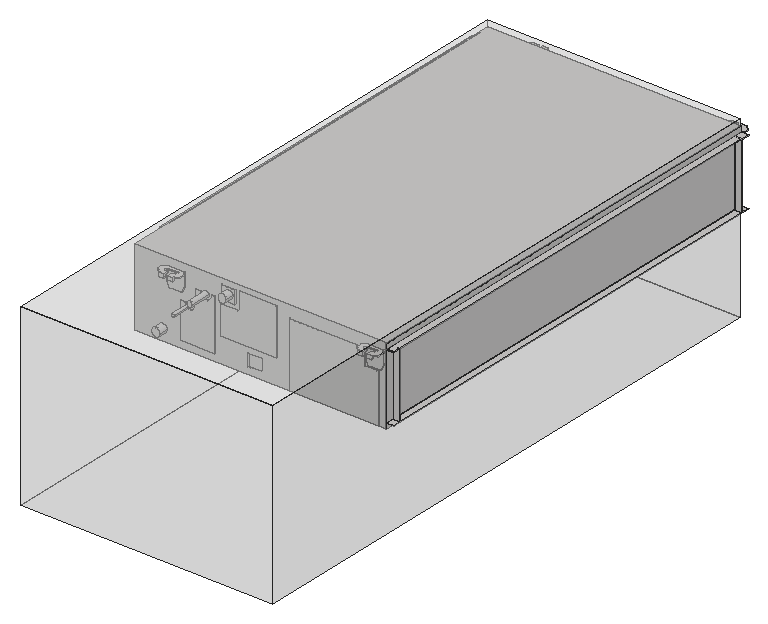
Revit family "outputfile", category 機械設備, Revit 2024
Family settings
  丸型コネクタ寸法 = 半径を使用
  パーツ タイプ = 標準
  OmniClass 番号 = 23.75.10.24.21.27.27
  OmniClass タイトル = Split System Air Conditioning Units
  作業面ベース = いいえ
  常に垂直 = はい
  ロード時にボイドで切り取り = いいえ
  注釈の向きを維持 = いいえ
  共有 = いいえ
  部屋計算ポイント = はい
Parameters (values of type "FXSA125AVM4")
  製造元 = "Daikin"
  書き出し IFC クラス(タイプ) = "IfcUnitaryEquipmentType"
  定義済み IFC タイプ(タイプ) = "AIRCONDITIONINGUNIT"
  モデル = "FXSA125AVM4"
  switch_frequency = yes
  r_Liquid Pipe Size = Liquid Pipe Size / 2  # 4.75 mm
  r_Gas Pipe Size = Gas Pipe Size / 2  # 7.95 mm
  r_Drain Pipe Size = Drain Pipe Size / 2  # 12.5 mm
  lw_power = 770.0 mm
  lh_SA = 138.0 mm
  lw_SA = if(Width = 550.0 mm, 225.0 mm, if(Width = 700.0 mm, 300.0 mm, if(Width = 1000.0 mm, 450.0 mm, if(Width = 1400.0 mm, 650.0 mm, 725.0 mm))))  # 650.0 mm
  lw_RA = if(Width = 550.0 mm, 275.0 mm, if(Width = 700.0 mm, 349.0 mm, if(Width = 1000.0 mm, 499.0 mm, if(Width = 1400.0 mm, 699.0 mm, 775.0 mm))))  # 699.0 mm
  lh_power = 60.0 mm + [h***]  # 60.0 mm
  lh_mountinghole1 = lh_mountinghole + [h***]  # 222.0 mm
  lh_RA = 123.0 mm
  ld_power = Width / 2  # 700.0 mm
  connector_voltage = Voltage_50Hz  # 220 V
  connector_powerinput = [Power Input (Cooling)]  # 0.206 kW
  connector_phase = Phase_50Hz  # 1
  Voltage_comment_60Hz = "220"
  Voltage_comment_50Hz = "220-240"
  Voltage_60Hz = 220 V
  Voltage_50Hz = 220 V
  Total Heating Capacity [instance] = 0.000 kW
  Supply Air Direction [instance] = yes
  Sound Power Level_H speed (dB) = 70
  Power Input (Heating) = 0.201 kW
  Phase_60Hz = 1
  Phase_50Hz = 1
  Nominal Heating Capacity = 16.000 kW
  Minimum External Static Pressure = 50.00 Pa
  Minimum Circuit Amps_60Hz = 2.8 A
  Minimum Circuit Amps_50Hz = 2.8 A
  Maximum Fuse Amps_60Hz = 16.0 A
  Maximum Fuse Amps_50Hz = 16.0 A
  Maximum External Static Pressure = 150.00 Pa
  Material_Casing = DAIKIN_GalvanizedSteel_Casing_indoorunit
  lw_mountinghole = 630.0 mm
  lh_gaspipe = 183.0 mm + [h***]  # 183.0 mm
  lh_mountinghole = 222.0 mm
  lh_liquidpipe = 136.0 mm + [h***]  # 136.0 mm
  lh_drainpipe = 207.0 mm + [h***]  # 207.0 mm
  lh_antena = Height - lh_mountinghole + 1.0 mm  # 24.0 mm
  ld_drainpipe = Width / 2 + 26.0 mm  # 726.0 mm
  ld_liquidpipe = 769.0 mm
  ld_gaspipe = Width / 2 + 65.0 mm  # 765.0 mm
  ld_mountinghole = Width + 38.0 mm  # 1438.0 mm
  h*** = 0.0 mm
  lw_liquidpipe = 179.0 mm
  lw_gaspipe = 229.0 mm
  lw_drainpipe = 300.0 mm
  Width = 1400.0 mm
  Version = "ver.1.0"
  Unit Type = "Duct_M.S.P."
  Unit Mass Weight = 47.00 kg
  Unit Designation [instance] = ""
  Uniclass2015Version = "Products v1.30"
  Uniclass2015Title = "Variable refrigerant flow units"
  Uniclass2015Code = "Pr_70_65_03_94"
  Total Cooling Capacity [instance] = 0.000 kW
  Sound Pressure Level_M speed (dBA) = 38.5
  Sound Pressure Level_L speed (dBA) = 35
  Sound Pressure Level_H speed (dBA) = 42
  Series = "VRV Fan Coil Unit"
  Sensible Cooling Capacity [instance] = 0.000 kW
  SA Duct Size Width = 1192.0 mm
  SA Duct Size Height = 176.0 mm
  Refrigerant Type = "R32"
  RA Duct Size Width = 1352.0 mm
  RA Duct Size Height = 208.0 mm
  Power Input (Cooling) = 0.206 kW
  Option Accessory 3 [instance] = ""
  Option Accessory 2 [instance] = ""
  Option Accessory 1 [instance] = ""
  Nominal Cooling Capacity = 14.000 kW
  Minimum Airflow = 1560.00 m³/h
  Median Airflow = 1890.00 m³/h
  Maximum Airflow = 2220.00 m³/h
  Load Classification = HVAC
  Liquid Pipe Size = 9.5 mm
  Link_Nested Family [instance] = ""
  IfcVersion = ""
  IfcExportType = "AIRCONDITIONINGUNIT"
  IfcExportAs = "IfcUnitaryEquipmentType"
  Height = 245.0 mm
  Heating Entering Wet Bulb Temperature [instance] = -273.15 °C
  Heating Entering Dry Bulb Temperature [instance] = -273.15 °C
  Heating Ambient Wet Bulb Temperature [instance] = -273.15 °C
  Heating Ambient Dry Bulb Temperature [instance] = -273.15 °C
  Heat Exchanger Type = "Cross Fin Coil"
  Gas Pipe Size = 15.9 mm
  Frequency_60Hz = 60 Hz
  Frequency_50Hz = 50 Hz
  Fan Type = "Sirocco Fan"
  Fan Drive = "Direct Drive"
  FCU Tag No. [instance] = ""
  Drain Pipe Size = 25.0 mm
  Design Supply Airflow [instance] = 0.00 m³/h
  Design Return Airflow [instance] = 0.00 m³/h
  Design External Static Pressure [instance] = 0.00 Pa
  Depth = 800.0 mm
  既定の高さ = 0.0 mm
  Cooling Entering Wet Bulb Temperature [instance] = 0.00 °C
  Cooling Entering Dry Bulb Temperature [instance] = 0.00 °C
  Cooling Ambient Wet Bulb Temperature [instance] = 0.00 °C
  Cooling Ambient Dry Bulb Temperature [instance] = 0.00 °C
  Clearance visibility [instance] = yes
  Clearance Top = 20.0 mm
  Clearance Right = 0.0 mm
  Clearance Rear = 0.0 mm
  Clearance Left = 0.0 mm
  Clearance Front = 450.0 mm
  Clearance Bottom = 300.0 mm
Reference planes
  plane 1 "Center (Front/Back)": y = 0
  plane 2 "h": z = 0
  plane 3 "Center (Left/Right)": x = 0
  plane 4 "Back": y = 700
  plane 5 "Front": y = -700
  plane 6 "Left": x = -400
  plane 7 "Right": x = 400
  plane 8 "Top": z = 0
  plane 9 "Bottom": z = -245
  plane 10: y = -215
  plane 11: y = 700
  plane 12: y = -1150
  plane 13: x = -400
  plane 14: x = 400
  plane 15: z = 20
  plane 16: z = -545
  plane 17: x = -400
  plane 18: x = -399
  plane 19: x = 399
  plane 20: y = 50
  plane 21: y = -1
  plane 22: z = -122
  plane 23: y = -701
  plane 24: z = -109
  plane 25: x = -221
  plane 26: y = -765
  plane 27: z = -62
  plane 28: x = -171
  plane 29: y = -726
  plane 30: z = -38
  plane 31: x = -100
  plane 32: x = -100
  plane 33: x = -221
  plane 34: x = -171
  plane 35: x = 370
  plane 36: x = -266
  plane 37: x = 364
  plane 38: y = -719
  plane 39: y = 719
  plane 40: z = -23
  plane 41: z = -107
  plane 42: y = -769
  plane 43: z = -207
  plane 44: x = -309
  plane 45: y = -376
  plane 46: x = -251
  plane 47: x = -203
  plane 48: x = -144
  plane 49: z = -59
  plane 50: z = -106
  plane 51: z = -221
  plane 52: z = -109
  plane 53: x = -221
  plane 54: z = -62
  plane 55: x = -171
  plane 56: z = -17
  plane 57: z = -59
  plane 58: x = -121
  plane 59: x = -79
  plane 60: x = -125
  plane 61: x = -64
  plane 62: x = 53
  plane 63: z = -164
  plane 64: z = -73
  plane 65: z = -16
  plane 66: x = 93.5
  plane 67: x = 374.5
  plane 68: x = 330
  plane 69: z = -88.5
  plane 70: z = -38
  plane 71: z = -242.5
  plane 72: x = -38.5
  plane 73: x = 6.5
  plane 74: z = -181
  plane 75: z = -221
  plane 76: y = -699
  plane 77: x = -424
  plane 78: x = 424
Forms (mm)
  Extrusion 1, solid, material "DAIKIN_GalvanizedSteel_Casing_indoorunit" <- "Material_Casing"
    sketch origin (0, 0, 0) x (1, 0, 0) y (0, 1, 0)
      loop
        line (-399, 700) -> (-399, -700) -> (399, -700) -> (399, 700) -> (-399, 700)
    from -245 to 0
  Extrusion 2, solid, material "DAIKIN_GalvanizedSteel_Casing_indoorunit" <- "Material_Casing"
    sketch origin (0, 0, 0) x (1, 0, 0) y (0, 0, 1)
      loop
        line (-251, -221) -> (-144, -221) -> (-144, -59) -> (-154.47, -59)
        arc (-154.47, -59) -> (-171, -78.8) -> (-187.53, -59) r 16.8
        line (-187.53, -59) -> (-203, -59) -> (-203, -106) -> (-206.916, -106)
        arc (-206.916, -106) -> (-221, -123.4) -> (-235.084, -106) r 14.4
        line (-235.084, -106) -> (-251, -106) -> (-251, -221)
    from 700 to 701
  Extrusion 3, solid, material "DAIKIN_GalvanizedSteel_Casing_indoorunit" <- "Material_Casing"
    sketch origin (0, 0, 0) x (1, 0, 0) y (0, 0, 1)
      loop
        line (-121, -17) -> (-121, -59) -> (-79, -59) -> (-79, -17) -> (-121, -17)
      loop
        line (-125, -73) -> (-125, -164) -> (53, -164) -> (53, -16) -> (-64, -16) -> (-64, -73) -> (-125, -73)
    from 700 to 701
  Extrusion 4, solid, material "DAIKIN_GalvanizedSteel_Casing_indoorunit" <- "Material_Casing"
    sketch origin (0, 0, 0) x (1, 0, 0) y (0, 0, 1)
      loop
        line (93.5, -38) -> (93.5, -242.5) -> (374.5, -242.5) -> (374.5, -88.5) -> (330, -88.5) -> (330, -38) -> (93.5, -38)
    from 700 to 701
  Extrusion 5, solid, material "DAIKIN_GalvanizedSteel_Casing_indoorunit" <- "Material_Casing"
    sketch origin (0, 0, 0) x (1, 0, 0) y (0, 0, 1)
      loop
        circle (-221, -109) r 4.75
    from 700 to 769
  Extrusion 6, solid, material "DAIKIN_GalvanizedSteel_Casing_indoorunit" <- "Material_Casing"
    sketch origin (0, 0, 0) x (1, 0, 0) y (0, 0, 1)
      loop
        circle (-171, -62) r 7.95
    from 700 to 765
  Extrusion 7, solid, material "DAIKIN_GalvanizedSteel_Casing_indoorunit" <- "Material_Casing"
    sketch origin (0, 0, 0) x (1, 0, 0) y (0, 0, 1)
      loop
        circle (-100, -38) r 12.5
    from 701 to 726
  Extrusion 8, solid, material "DAIKIN_GalvanizedSteel_Casing_indoorunit" <- "Material_Casing"
    sketch origin (0, 0, 0) x (1, 0, 0) y (0, 0, 1)
      loop
        circle (-309, -207) r 13
    from 700 to 726
  Extrusion 9, void
    sketch origin (0, 0, 0) x (1, 0, 0) y (0, 0, 1)
      loop
        line (-38.5, -181) -> (-38.5, -221) -> (6.5, -221) -> (6.5, -181) -> (-38.5, -181)
    from 699 to 700
Cuts and joins
  Extrusion 9 cuts Extrusion 1
Dimensions and locks
  "Height": plane 8 "Top" to plane 9 "Bottom"
  equal spacing: plane 4 "Back", plane 1 "Center (Front/Back)", plane 5 "Front"
  "Width": plane 4 "Back" to plane 5 "Front"
  equal spacing: plane 6 "Left", plane 3 "Center (Left/Right)", plane 7 "Right"
  "Depth": plane 6 "Left" to plane 7 "Right"
  "Clearance Left": plane 13 to plane 6 "Left"
  "Clearance Right": plane 7 "Right" to plane 14
  "Clearance Rear": plane 11 to plane 4 "Back"
  "Clearance Front": plane 5 "Front" to plane 12
  "Clearance Top": plane 15 to plane 8 "Top"
  "Clearance Bottom": plane 9 "Bottom" to plane 16
  locked: plane 17 to plane 18 at 1
  locked: plane 19 to plane 14 at 1
  "lw_SA": plane 11 to plane 20
  "lw_RA": plane 21 to plane 5 "Front"
  "lh_RA": plane 22 to plane 9 "Bottom"
  locked: plane 5 "Front" to plane 23 at 1
  "lw_liquidpipe": plane 25 to plane 6 "Left"
  "lh_liquidpipe": plane 24 to plane 9 "Bottom"
  "lh_gaspipe": plane 27 to plane 9 "Bottom"
  "lw_gaspipe": plane 28 to plane 6 "Left"
  "ld_gaspipe": plane 26 to plane 1 "Center (Front/Back)"
  "ld_drainpipe": plane 29 to plane 1 "Center (Front/Back)"
  "lh_drainpipe": plane 30 to plane 9 "Bottom"
  "lw_drainpipe": plane 31 to plane 6 "Left"
  "lw_drainpipe": plane 6 "Left" to plane 32
  "lw_liquidpipe": plane 6 "Left" to plane 33
  "lw_gaspipe": plane 6 "Left" to plane 34
  "lw_power": plane 6 "Left" to plane 35
  locked: plane 17 to plane 36 at 134
  "lw_mountinghole": plane 36 to plane 37
  equal spacing: plane 38, plane 1 "Center (Front/Back)", plane 39
  "ld_mountinghole": plane 39 to plane 38
  "lh_mountinghole": plane 40 to plane 9 "Bottom"
  "lh_SA": plane 41 to plane 9 "Bottom"
  locked: plane 44 to plane 6 "Left" at 91
  locked: plane 43 to plane 9 "Bottom" at 38
  plane 48 to plane 47 to plane 46 to plane 6 "Left" = 59.0 mm, 48.0 mm, 149.0 mm
  plane 8 "Top" to plane 49 to plane 50 to plane 51 = 59.0 mm locked, 47.0 mm locked, 115.0 mm locked
  plane 55 to plane 53 to plane 6 "Left" = 50.0 mm locked, 179.0 mm locked
  plane 54 to plane 52 to plane 9 "Bottom" = 47.0 mm locked, 136.0 mm locked
  plane 59 to plane 58 to plane 6 "Left" = 42.0 mm locked, 279.0 mm locked
  plane 8 "Top" to plane 56 to plane 57 = 17.0 mm locked, 42.0 mm locked
  plane 62 to plane 61 to plane 60 to plane 6 "Left" = 117.0 mm, 61.0 mm, 275.0 mm
  plane 8 "Top" to plane 65 to plane 64 = 16.0 mm locked, 57.0 mm locked
  locked: plane 65 to plane 63 at 148
  plane 8 "Top" to plane 70 to plane 69 to plane 71 = 38.0 mm locked, 50.5 mm locked, 154.0 mm locked
  plane 67 to plane 68 to plane 66 to plane 6 "Left" = 44.5 mm locked, 236.5 mm locked, 493.5 mm locked
  plane 8 "Top" to plane 74 to plane 75 = 181.0 mm locked, 40.0 mm locked
  plane 73 to plane 72 to plane 6 "Left" = 45.0 mm, 361.5 mm
  locked: plane 76 to plane 5 "Front" at 1
  locked: plane 77 to plane 17 at 24
  locked: plane 14 to plane 78 at 24
  "ld_liquidpipe": plane 42 to plane 1 "Center (Front/Back)"
  "r_Liquid Pipe Size": radius of Extrusion 5 sketch curve
  "r_Gas Pipe Size": radius of Extrusion 6 sketch curve
  "r_Drain Pipe Size": radius of Extrusion 7 sketch curve
  aligned and locked: level to plane 2 "h"
  aligned and locked: plane 8 "Top" to Extrusion 1
  aligned and locked: Extrusion 1 to plane 9 "Bottom"
  aligned and locked: nested 5 to plane 12
  aligned and locked: plane 13 to nested 5
  aligned and locked: plane 14 to nested 5
  aligned and locked: nested 5 to plane 13
  aligned and locked: plane 11 to nested 5
  aligned and locked: plane 15 to nested 5
  aligned and locked: plane 16 to nested 5
  aligned and locked: plane 5 "Front" to Extrusion 1 sketch curve
  aligned and locked: Extrusion 1 to plane 18
  aligned and locked: plane 19 to Extrusion 1
  aligned and locked: nested 7 to plane 18
  aligned and locked: nested 7 to plane 20
  aligned and locked: plane 19 to nested 8
  aligned and locked: plane 21 to nested 8
  aligned and locked: plane 22 to nested 8
  aligned and locked: Extrusion 2 to plane 23
  aligned and locked: plane 5 "Front" to Extrusion 2
  aligned and locked: Extrusion 3 to plane 23
  aligned and locked: plane 5 "Front" to Extrusion 3
  aligned and locked: plane 5 "Front" to Extrusion 4
  aligned and locked: Extrusion 5 sketch curve to plane 25
  aligned and locked: plane 24 to Extrusion 5 sketch curve
  aligned and locked: plane 5 "Front" to Extrusion 5
  aligned and locked: Extrusion 6 sketch curve to plane 28
  aligned and locked: plane 27 to Extrusion 6 sketch curve
  aligned and locked: plane 5 "Front" to Extrusion 6
  aligned and locked: Extrusion 7 sketch curve to plane 31
  aligned and locked: Extrusion 7 sketch curve to plane 30
  aligned and locked: Extrusion 7 to plane 29
  aligned and locked: plane 23 to Extrusion 7
  aligned and locked: nested 3 to plane 29
  aligned and locked: nested 3 to plane 32
  aligned and locked: nested 2 to plane 33
  aligned and locked: nested 1 to plane 34
  aligned and locked: Extrusion 6 to plane 26
  aligned and locked: nested 1 to plane 26
  aligned and locked: nested 6 to plane 5 "Front"
  aligned and locked: nested 6 to plane 35
  aligned and locked: plane 36 to nested 10
  aligned and locked: nested 10 to plane 5 "Front"
  aligned and locked: plane 37 to nested 9
  aligned and locked: nested 9 to plane 5 "Front"
  aligned and locked: nested 11 to plane 36
  aligned and locked: plane 4 "Back" to nested 11
  aligned and locked: nested 12 to plane 37
  aligned and locked: plane 4 "Back" to nested 12
  aligned and locked: plane 40 to nested 10
  aligned and locked: plane 40 to nested 11
  aligned and locked: plane 40 to nested 9
  aligned and locked: plane 40 to nested 12
  aligned and locked: plane 36 to nested 14
  aligned and locked: nested 14 to plane 39
  aligned and locked: plane 37 to nested 13
  aligned and locked: nested 13 to plane 39
  aligned and locked: plane 37 to nested 16
  aligned and locked: plane 38 to nested 16
  aligned and locked: plane 38 to nested 15
  aligned and locked: plane 36 to nested 15
  aligned and locked: plane 17 to plane 6 "Left"
  aligned and locked: plane 41 to nested 7
  aligned and locked: Extrusion 5 to plane 42
  aligned and locked: nested 2 to plane 42
  aligned and locked: Extrusion 8 sketch curve to plane 44
  aligned and locked: plane 43 to Extrusion 8 sketch curve
  aligned and locked: plane 5 "Front" to Extrusion 8
  aligned and locked: Extrusion 3 sketch curve to plane 56
  aligned and locked: Extrusion 3 sketch curve to plane 58
  aligned and locked: plane 57 to Extrusion 3 sketch curve
  aligned and locked: plane 59 to Extrusion 3 sketch curve
  aligned and locked: Extrusion 4 to plane 23
  aligned and locked: Extrusion 9 sketch curve to plane 74
  aligned and locked: plane 75 to Extrusion 9 sketch curve
  aligned and locked: plane 73 to Extrusion 9 sketch curve
  aligned and locked: plane 5 "Front" to Extrusion 9
  aligned and locked: plane 76 to Extrusion 9
  aligned and locked: nested 17 to plane 20
  aligned and locked: nested 17 to plane 77
  aligned and locked: plane 21 to nested 18
  aligned and locked: plane 78 to nested 18
  aligned and locked: plane 41 to nested 17
  aligned and locked: nested 18 to plane 22
  aligned and locked: nested 4 to plane 3 "Center (Left/Right)"
  aligned and locked: plane 1 "Center (Front/Back)" to nested 4
  aligned and locked: level to plane 8 "Top"
  aligned and locked: Extrusion 8 to plane 29
Automatic sketch dimensions
  plane 6 "Left" to Extrusion 1 sketch curve = 1.0 mm
  Extrusion 1 sketch curve to plane 7 "Right" = 1.0 mm
  Extrusion 1 sketch curve to plane 4 "Back" = 0.0 mm
  Extrusion 2 sketch curve to plane 46 = 0.0 mm
  Extrusion 2 sketch curve to plane 33 = 0.0 mm
  Extrusion 2 sketch curve to plane 47 = 0.0 mm
  Extrusion 2 sketch curve to plane 34 = 0.0 mm
  Extrusion 2 sketch curve to plane 48 = 0.0 mm
  Extrusion 2 sketch curve to plane 51 = 0.0 mm
  Extrusion 2 sketch curve to plane 52 = 0.0 mm
  Extrusion 2 sketch curve to plane 50 = 0.0 mm  (x3)
  Extrusion 2 sketch curve to plane 54 = 0.0 mm
  Extrusion 2 sketch curve to plane 49 = 0.0 mm  (x3)
  plane 33 to Extrusion 2 sketch curve = 14.084 mm
  plane 34 to Extrusion 2 sketch curve = 16.53 mm
  Extrusion 3 sketch curve to plane 60 = 0.0 mm
  Extrusion 3 sketch curve to plane 61 = 0.0 mm
  Extrusion 3 sketch curve to plane 62 = 0.0 mm
  Extrusion 3 sketch curve to plane 63 = 0.0 mm
  Extrusion 3 sketch curve to plane 64 = 0.0 mm
  Extrusion 3 sketch curve to plane 65 = 0.0 mm
  Extrusion 4 sketch curve to plane 66 = 0.0 mm
  Extrusion 4 sketch curve to plane 68 = 0.0 mm
  Extrusion 4 sketch curve to plane 67 = 0.0 mm
  Extrusion 4 sketch curve to plane 71 = 0.0 mm
  Extrusion 4 sketch curve to plane 69 = 0.0 mm
  Extrusion 4 sketch curve to plane 70 = 0.0 mm
  Extrusion 9 sketch curve to plane 72 = 0.0 mm
  radius of Extrusion 8 sketch curve = 13.0 mm
Nested families
  nested 1: "daikin_connector_rotate2" at (-171, 0, -62), length <- "ld_gaspipe", built-in parameter 1001364 <- "lh_gaspipe", radius <- "r_Gas Pipe Size", type "daikin_connector_rotate2"
    with radius 7.95 mm, length 765.0 mm, angle_vertical 90.00°
  nested 2: "daikin_connector_rotate2" at (-221, 0, -109), length <- "ld_liquidpipe", built-in parameter 1001364 <- "lh_liquidpipe", radius <- "r_Liquid Pipe Size", type "daikin_connector_rotate2"
    with radius 4.75 mm, length 769.0 mm, angle_vertical 90.00°
  nested 3: "daikin_connector_rotate2" at (-100, 0, -38), length <- "ld_drainpipe", built-in parameter 1001364 <- "lh_drainpipe", radius <- "r_Drain Pipe Size", type "daikin_connector_rotate2"
    with radius 12.5 mm, length 726.0 mm, angle_vertical 90.00°
  nested 4: "daikin_△_symbolicline" at (0, 0, 245) x (0, -1, 0) z (0, 0, 1), built-in parameter 1001364 <- "Height", visible <- "Supply Air Direction", type "daikin_△_symbolicline"
    with length 200.0 mm
  nested 5: "daikin_clearancespace" at (0, -225, -262.381), visible <- "Clearance visibility", show <- "Clearance visibility", Link_Nested Family <- "Link_Nested Family", type "daikin_clearancespace"
    with width 800.0 mm, show yes, height 565.0 mm, depth 1850.0 mm, Link_Nested Family ""
  nested 6: "daikin_connector_rotate2" at (370, 0, -185), built-in parameter 1001364 <- "lh_power", length <- "ld_power", type "daikin_connector_rotate2"
    with radius 10.0 mm, length 700.0 mm, angle_vertical 90.00°
  nested 7: "daikin_ductflange_FXFSA-AVM4_2" at (-399, 50, -107) x (0, -1, 0) z (0, 0, 1), type "daikin_ductflange_FXFSA-AV4_2"
    with width 1192.0 mm, w 1400.0 mm
  nested 8: "daikin_ductflange_FXFSA-AVM4" at (399, -1, -122) x (0, 1, 0) z (0, 0, 1), type "daikin_ductflange_FXFSA-AVM4"
    with width 1352.0 mm, lw 25.0 mm, w 1400.0 mm
  nested 9: "FXFSA-AVM4" at (364, -700, -23), type "daikin_hangerfixture_FXSA-AVM4"
  nested 10: "FXFSA-AVM4" at (-266, -700, -23), type "daikin_hangerfixture_FXSA-AVM4"
  nested 11: "FXFSA-AVM4" at (-266, 700, -23) x (-1, 0, 0) z (0, 0, 1), type "daikin_hangerfixture_FXSA-AVM4"
  nested 12: "FXFSA-AVM4" at (364, 700, -23) x (-1, 0, 0) z (0, 0, 1), type "daikin_hangerfixture_FXSA-AVM4"
  nested 13: "daikin_mountinghole" at (364, 719, -245), h_mountinghole <- "lh_mountinghole1", l_antenna <- "lh_antena", Link_Nested Family <- "Link_Nested Family", type "daikin_mountinghole"
    with show yes, l_antenna 24.0 mm, h_mountinghole 222.0 mm, Link_Nested Family ""
  nested 14: "daikin_mountinghole" at (-266, 719, -245), h_mountinghole <- "lh_mountinghole1", l_antenna <- "lh_antena", Link_Nested Family <- "Link_Nested Family", type "daikin_mountinghole"
    with show yes, l_antenna 24.0 mm, h_mountinghole 222.0 mm, Link_Nested Family ""
  nested 15: "daikin_mountinghole" at (-266, -719, -245), h_mountinghole <- "lh_mountinghole1", l_antenna <- "lh_antena", Link_Nested Family <- "Link_Nested Family", type "daikin_mountinghole"
    with show yes, l_antenna 24.0 mm, h_mountinghole 222.0 mm, Link_Nested Family ""
  nested 16: "daikin_mountinghole" at (364, -719, -245), h_mountinghole <- "lh_mountinghole1", l_antenna <- "lh_antena", Link_Nested Family <- "Link_Nested Family", type "daikin_mountinghole"
    with show yes, l_antenna 24.0 mm, h_mountinghole 222.0 mm, Link_Nested Family ""
  nested 17: "daikin_connector_rotate2" at (-400, 50, -107) x (0, -1, 0) z (0, 0, 1), type "daikin_connector_rotate2"
    with radius 10.0 mm, length 24.0 mm, angle_vertical 90.00°
  nested 18: "daikin_connector_rotate2" at (400, -1, -122) x (0, 1, 0) z (0, 0, 1), type "daikin_connector_rotate2"
    with radius 10.0 mm, length 24.0 mm, angle_vertical 90.00°
Connectors
  piping at (-100, -726, -38), diameter 25, driven by "r_Drain Pipe Size"
    settings: on nested 3, index 3, connector inside diameter 609.6 mm, connector length 0.0 mm, flow factor 0, pipe flow 0.00 m³/h, pressure drop 0.0 Pa, fitting loss kfactor 0, connector angle 0.00°, fixture units 0, engagement length 0.0 mm, angle of deflection 0.00°, flow configuration 1, flow direction 2, fitting loss method 4, system type 16, joint type 0, gender type 0, connector reference index -1, connector utility 0, adjustable connector no, is connector primary yes, connector description "Condensate Drain Piping"
  piping at (-171, -765, -62), diameter 15.9, driven by "r_Gas Pipe Size"
    settings: on nested 1, index 4, connector inside diameter 609.6 mm, connector length 0.0 mm, flow factor 0, pipe flow 0.00 m³/h, pressure drop 0.0 Pa, fitting loss kfactor 0, connector angle 0.00°, fixture units 0, engagement length 0.0 mm, angle of deflection 0.00°, flow configuration 1, flow direction 2, fitting loss method 0, system type 29, joint type 0, gender type 0, connector reference index -1, connector utility 0, adjustable connector no, is connector primary no, connector description "Refrigerant Gas Piping"
  piping at (-221, -769, -109), diameter 9.5, driven by "r_Liquid Pipe Size"
    settings: on nested 2, index 5, connector inside diameter 609.6 mm, connector length 0.0 mm, flow factor 0, pipe flow 0.00 m³/h, pressure drop 0.0 Pa, fitting loss kfactor 0, connector angle 0.00°, fixture units 0, engagement length 0.0 mm, angle of deflection 0.00°, flow configuration 1, flow direction 1, fitting loss method 0, system type 29, joint type 0, gender type 0, connector reference index -1, connector utility 0, adjustable connector no, is connector primary no, connector description "Refrigerant Liquid Piping"
  electrical at (370, -700, -185), driven by "Load Classification", driven by "connector_voltage", driven by "connector_phase", driven by "connector_powerinput"
    settings: on nested 6, index 6, voltage 220 V, apparent load 206 VA, apparent load phase1 0 VA, apparent load phase2 0 VA, apparent load phase3 0 VA, power factor 1, load classification "HVAC", number of poles 1, system type 30, power factor state 1, is connector primary yes, connector utility no, sub classification motor no, connector description "Power Supply"
  hvac at (-424, 50, -107), driven by "SA Duct Size Height", driven by "SA Duct Size Width"
    settings: on nested 17, index 7, duct flow 0.00 m³/h, flow factor 0, pres drop 0.00 Pa, loss coef 0, conn angle 0.00°, conn width 1192.0 mm, conn height 176.0 mm, conn diameter 609.6 mm, duct sys type 1, conn prof type 1, flow config 0, flow direction 2, loss method 4, conn ref index -1, conn util no, is conn primary yes, conn desc "SA Duct"
  hvac at (424, -1, -122), driven by "RA Duct Size Height", driven by "RA Duct Size Width"
    settings: on nested 18, index 8, duct flow 0.00 m³/h, flow factor 0, pres drop 0.00 Pa, loss coef 0, conn angle 0.00°, conn width 1352.0 mm, conn height 208.0 mm, conn diameter 609.6 mm, duct sys type 2, conn prof type 1, flow config 0, flow direction 1, loss method 4, conn ref index -1, conn util no, is conn primary no, conn desc "RA Duct"
Definition of nested family "daikin_clearancespace"
  Parameters (values of type "daikin_clearancespace")
    Description = "daikin_clearancespace"
    width [instance] = 1823.963 mm
    show [instance] = yes
    material = none
    height [instance] = 1359.762 mm
    depth [instance] = 880.0 mm
    Default Elevation = 0.0 mm
    Link_Nested Family [instance] = ""
  Reference planes
    plane 1 "Center (Front/Back)": y = 0
    plane 2 "Center (Elevation)": z = -0.119
    plane 3 "Center (Left/Right)": x = 0
    plane 4: y = 440
    plane 5: y = -440
    plane 6 "Right": x = 911.982
    plane 7 "Left": x = -911.982
    plane 8 "Top": z = 679.762
    plane 9 "Bottom": z = -680
  Forms (mm)
    Extrusion 1, solid, material <- "material", visible <- "show"
      sketch origin (0, 0, 0) x (1, 0, 0) y (0, 1, 0)
        loop
          line (-911.982, 440) -> (-911.982, -440) -> (911.982, -440) -> (911.982, 440) -> (-911.982, 440)
      from -680 to 679.762
  Lines and regions (mm)
    symbolic lines, visible <- "show"
      curve 1: line (911.982, 440, 0) -> (-911.982, 440, 0)
      curve 2: line (-911.982, 440, 0) -> (-911.982, -440, 0)
      curve 3: line (-911.982, -440, 0) -> (911.982, -440, 0)
      curve 4: line (911.982, -440, 0) -> (911.982, 440, 0)
      curve 5: line (911.982, 0, 679.762) -> (-911.982, 0, 679.762)
      curve 6: line (911.982, 0, -680) -> (911.982, 0, 679.762)
      curve 7: line (-911.982, 0, -680) -> (911.982, 0, -680)
      curve 8: line (-911.982, 0, 679.762) -> (-911.982, 0, -680)
      curve 9: line (0, 440, 679.762) -> (0, -440, 679.762)
      curve 10: line (0, -440, 679.762) -> (0, -440, -680)
      curve 11: line (0, 440, -680) -> (0, 440, 679.762)
      curve 12: line (0, -440, -680) -> (0, 440, -680)
  Dimensions and locks
    "width": plane 7 "Left" to plane 6 "Right"
    "depth": plane 4 to plane 5
    "height": plane 8 "Top" to plane 9 "Bottom"
    equal spacing: plane 7 "Left", plane 3 "Center (Left/Right)", plane 6 "Right"
    equal spacing: plane 4, plane 1 "Center (Front/Back)", plane 5
    equal spacing: plane 8 "Top", plane 2 "Center (Elevation)", plane 9 "Bottom"
    aligned and locked: level to plane 2 "Center (Elevation)"
    aligned and locked: Extrusion 1 sketch curve to plane 4
    aligned and locked: plane 7 "Left" to Extrusion 1 sketch curve
    aligned and locked: Extrusion 1 sketch curve to plane 5
    aligned and locked: Extrusion 1 sketch curve to plane 6 "Right"
    aligned and locked: plane 8 "Top" to Extrusion 1
    aligned and locked: curve 1 to Extrusion 1
    aligned and locked: curve 2 to Extrusion 1
    aligned and locked: curve 3 to Extrusion 1
    aligned and locked: curve 4 to Extrusion 1
    aligned and locked: curve 5 to Extrusion 1
    aligned and locked: curve 6 to Extrusion 1
    aligned and locked: curve 7 to Extrusion 1
    aligned and locked: curve 8 to Extrusion 1
    aligned and locked: curve 9 to Extrusion 1
    aligned and locked: curve 10 to Extrusion 1
    aligned and locked: curve 11 to Extrusion 1
    aligned and locked: curve 12 to Extrusion 1
    aligned and locked: Extrusion 1 to plane 9 "Bottom"
Definition of nested family "daikin_ductflange_FXFSA-AVM4_2"
  Parameters (values of type "daikin_ductflange_FBA-BVMA2")
    width = if(w = 550.0 mm, 337.0 mm, if(w = 700.0 mm, 492.0 mm, if(w = 1000.0 mm, 792.0 mm, if(w = 1400.0 mm, 1192.0 mm, 1337.0 mm))))  # 492.0 mm
    w1 = if(w = 550.0 mm, 24.0 mm, if(w = 700.0 mm, 21.5 mm, if(w = 1000.0 mm, 21.5 mm, if(w = 1400.0 mm, 21.5 mm, 24.0 mm))))  # 21.5 mm
    material = none
    height = 215.0 mm
    depth = 1.0 mm
    w = 700.0 mm
    Default Elevation = 0.0 mm
  Reference planes
    plane 1 "Center (Front/Back)": y = 0
    plane 2: z = 0
    plane 3 "Center (Left/Right)": x = 0
    plane 4: z = 88
    plane 5: z = -88
    plane 6: y = -25
    plane 7: z = 106
    plane 8: z = 89
    plane 9: y = -1
    plane 10: x = -267.5
    plane 11: x = 267.5
    plane 12: z = -106
    plane 13: z = -89
    plane 14: y = -1
    plane 15: x = 246
    plane 16: x = -246
    plane 17: x = 247
    plane 18: z = 87
    plane 19: z = -87
    plane 20: x = -247
    plane 21: z = 87
    plane 22: z = -87
    plane 23: y = -1
  Forms (mm)
    Extrusion 1, solid, material <- "material"
      sketch origin (0, 0, 0) x (0, 1, 0) y (0, 0, 1)
        loop
          line (-25, 88) -> (0, 88) -> (0, 106) -> (-1, 106) -> (-1, 89) -> (-25, 89) -> (-25, 88)
      from -267.5 to 267.5
    Extrusion 2, solid, material <- "material"
      sketch origin (0, 0, 0) x (0, 1, 0) y (0, 0, 1)
        loop
          line (-25, -88) -> (-25, -89) -> (-1, -89) -> (-1, -106) -> (0, -106) -> (0, -88) -> (-25, -88)
      from -267.5 to 267.5
    Extrusion 3, solid, material <- "material"
      sketch origin (0, 0, 0) x (1, 0, 0) y (0, 0, 1)
        loop
          line (246, 88) -> (246, -88) -> (267.5, -88) -> (267.5, -87) -> (247, -87) -> (247, 87) -> (267.5, 87) -> (267.5, 88) -> (246, 88)
      from 0 to 25
    Extrusion 4, solid, material <- "material"
      sketch origin (0, 0, 0) x (1, 0, 0) y (0, 0, 1)
        loop
          line (-267.5, 88) -> (-267.5, 87) -> (-247, 87) -> (-247, -87) -> (-267.5, -87) -> (-267.5, -88) -> (-246, -88) -> (-246, 88) -> (-267.5, 88)
      from 0 to 25
    Extrusion 5, solid, material <- "material"
      sketch origin (0, 0, 0) x (1, 0, 0) y (0, 0, 1)
        loop
          line (-267.5, 88) -> (-267.5, -88) -> (-246, -88) -> (-246, 88) -> (-267.5, 88)
        loop
          line (267.5, 88) -> (246, 88) -> (246, -88) -> (267.5, -88) -> (267.5, 88)
      from 0 to 1
  Cuts and joins
    joined: Extrusion 1, Extrusion 2, Extrusion 3, Extrusion 4, Extrusion 5
  Dimensions and locks
    plane 4 to level to plane 5 = 88.0 mm, 88.0 mm
    locked: plane 6 to plane 1 "Center (Front/Back)" at 25
    locked: plane 9 to plane 1 "Center (Front/Back)" at 1
    locked: plane 8 to plane 4 at 1
    "w1": plane 16 to plane 10
    locked: plane 17 to plane 15 at 1
    locked: plane 4 to plane 18 at 1
    locked: plane 19 to plane 5 at 1
    "width": plane 15 to plane 16
    plane 4 to plane 5 = 176.0 mm
    locked: plane 16 to plane 20 at 1
    locked: plane 4 to plane 21 at 1
    locked: plane 22 to plane 5 at 1
    locked: plane 23 to plane 1 "Center (Front/Back)" at 1
    plane 4 to level to plane 5 = 88.0 mm locked, 88.0 mm locked
    locked: plane 5 to plane 13 at 1
    locked: plane 5 to plane 12 at 18
    locked: plane 7 to plane 4 at 18
    equal spacing: plane 15, plane 3 "Center (Left/Right)", plane 16
    "w1": plane 11 to plane 15
    plane 11 to plane 10 = 535.0 mm
    aligned and locked: level to plane 2
    aligned and locked: Extrusion 1 to plane 10
    aligned and locked: plane 11 to Extrusion 1
    aligned and locked: plane 5 to Extrusion 2
    aligned and locked: Extrusion 2 to plane 1 "Center (Front/Back)"
    aligned and locked: plane 15 to Extrusion 3 sketch curve
    aligned and locked: Extrusion 3 sketch curve to Extrusion 2  (x2)
    aligned and locked: Extrusion 3 sketch curve to plane 11
    aligned and locked: plane 6 to Extrusion 3
    aligned and locked: Extrusion 2 to plane 10
    aligned and locked: plane 11 to Extrusion 2
    aligned and locked: Extrusion 4 sketch curve to Extrusion 1  (x2)
    aligned and locked: plane 5 to Extrusion 4 sketch curve
    aligned and locked: Extrusion 4 sketch curve to plane 16
    aligned and locked: Extrusion 4 sketch curve to plane 22
    aligned and locked: plane 20 to Extrusion 4 sketch curve
    aligned and locked: plane 21 to Extrusion 4 sketch curve
    aligned and locked: Extrusion 4 to plane 1 "Center (Front/Back)"
    aligned and locked: plane 6 to Extrusion 4
    aligned and locked: Extrusion 5 sketch curve to Extrusion 1  (x4)
    aligned and locked: Extrusion 5 sketch curve to Extrusion 4  (x2)
    aligned and locked: Extrusion 5 sketch curve to Extrusion 3  (x2)
    aligned and locked: Extrusion 5 to plane 1 "Center (Front/Back)"
    aligned and locked: plane 23 to Extrusion 5
  Automatic sketch dimensions
    Extrusion 1 sketch curve to plane 6 = 0.0 mm
    Extrusion 1 sketch curve to plane 7 = 0.0 mm
    Extrusion 1 sketch curve to plane 9 = 0.0 mm
    Extrusion 1 sketch curve to plane 1 "Center (Front/Back)" = 0.0 mm
    Extrusion 1 sketch curve to plane 4 = 0.0 mm
    Extrusion 1 sketch curve to plane 8 = 0.0 mm
    Extrusion 2 sketch curve to plane 6 = 0.0 mm
    plane 12 to Extrusion 2 sketch curve = 0.0 mm
    Extrusion 2 sketch curve to plane 14 = 0.0 mm
    Extrusion 2 sketch curve to plane 1 "Center (Front/Back)" = 0.0 mm
    plane 13 to Extrusion 2 sketch curve = 0.0 mm
    Extrusion 2 sketch curve to plane 5 = 0.0 mm
    Extrusion 3 sketch curve to plane 17 = 0.0 mm
    Extrusion 3 sketch curve to plane 19 = 0.0 mm
    Extrusion 3 sketch curve to plane 18 = 0.0 mm
    Extrusion 3 sketch curve to plane 4 = 0.0 mm
    Extrusion 4 sketch curve to plane 10 = 0.0 mm
Definition of nested family "daikin_ductflange_FXFSA-AVM4"
  Parameters (values of type "daikin_ductflange_FBFC-DVMG")
    width = if(w = 550.0 mm, 502.0 mm, if(w = 700.0 mm, 654.0 mm, if(w = 1000.0 mm, 952.0 mm, if(w = 1400.0 mm, 1352.0 mm, 1502.0 mm))))  # 654.0 mm
    material = none
    lw = if(width = 654.0 mm, 23.0 mm, 25.0 mm)  # 23.0 mm
    height = 208.0 mm
    depth = 1.0 mm
    w = 700.0 mm
    Default Elevation = 0.0 mm
  Reference planes
    plane 1 "Center (Front/Back)": y = 0
    plane 2: z = 0
    plane 3 "Center (Left/Right)": x = 0
    plane 4: z = 104
    plane 5: z = -104
    plane 6: y = -25
    plane 7: z = 121
    plane 8: z = 105
    plane 9: y = -1
    plane 10: x = -350
    plane 11: x = 350
    plane 12: z = -122
    plane 13: z = -105
    plane 14: y = -1
    plane 15: x = 327
    plane 16: x = -327
    plane 17: x = 328
    plane 18: z = 103
    plane 19: z = -103
    plane 20: x = -328
    plane 21: z = 103
    plane 22: z = -103
    plane 23: y = -1
  Forms (mm)
    Extrusion 1, solid, material <- "material"
      sketch origin (0, 0, 0) x (0, 1, 0) y (0, 0, 1)
        loop
          line (-25, 104) -> (0, 104) -> (0, 121) -> (-1, 121) -> (-1, 105) -> (-25, 105) -> (-25, 104)
      from -350 to 350
    Extrusion 2, solid, material <- "material"
      sketch origin (0, 0, 0) x (0, 1, 0) y (0, 0, 1)
        loop
          line (-25, -104) -> (-25, -105) -> (-1, -105) -> (-1, -122) -> (0, -122) -> (0, -104) -> (-25, -104)
      from -350 to 350
    Extrusion 3, solid, material <- "material"
      sketch origin (0, 0, 0) x (1, 0, 0) y (0, 0, 1)
        loop
          line (327, 104) -> (327, -104) -> (350, -104) -> (350, -103) -> (328, -103) -> (328, 103) -> (350, 103) -> (350, 104) -> (327, 104)
      from 0 to 25
    Extrusion 4, solid, material <- "material"
      sketch origin (0, 0, 0) x (1, 0, 0) y (0, 0, 1)
        loop
          line (-350, 104) -> (-350, 103) -> (-328, 103) -> (-328, -103) -> (-350, -103) -> (-350, -104) -> (-327, -104) -> (-327, 104) -> (-350, 104)
      from 0 to 25
    Extrusion 5, solid, material <- "material"
      sketch origin (0, 0, 0) x (1, 0, 0) y (0, 0, 1)
        loop
          line (-350, 104) -> (-350, -104) -> (-327, -104) -> (-327, 104) -> (-350, 104)
        loop
          line (350, 104) -> (327, 104) -> (327, -104) -> (350, -104) -> (350, 104)
      from 0 to 1
  Cuts and joins
    joined: Extrusion 1, Extrusion 2, Extrusion 3, Extrusion 4, Extrusion 5
  Dimensions and locks
    plane 4 to level to plane 5 = 104.0 mm, 104.0 mm
    locked: plane 6 to plane 1 "Center (Front/Back)" at 25
    locked: plane 9 to plane 1 "Center (Front/Back)" at 1
    locked: plane 8 to plane 4 at 1
    "lw": plane 11 to plane 15
    "lw": plane 16 to plane 10
    locked: plane 17 to plane 15 at 1
    locked: plane 4 to plane 18 at 1
    locked: plane 19 to plane 5 at 1
    "width": plane 15 to plane 16
    equal spacing: plane 15, plane 3 "Center (Left/Right)", plane 16
    locked: plane 16 to plane 20 at 1
    locked: plane 4 to plane 21 at 1
    locked: plane 22 to plane 5 at 1
    locked: plane 23 to plane 1 "Center (Front/Back)" at 1
    locked: plane 7 to plane 4 at 17
    locked: plane 1 "Center (Front/Back)" to plane 14 at 1
    locked: plane 5 to plane 13 at 1
    "height": plane 4 to plane 5
    plane 11 to plane 10 = 700.0 mm
    locked: plane 12 to plane 13 at 17
    equal spacing: plane 4, level, plane 5
    aligned and locked: level to plane 2
    aligned and locked: Extrusion 1 to plane 10
    aligned and locked: plane 11 to Extrusion 1
    aligned and locked: plane 5 to Extrusion 2
    aligned and locked: Extrusion 2 to plane 1 "Center (Front/Back)"
    aligned and locked: plane 15 to Extrusion 3 sketch curve
    aligned and locked: Extrusion 3 sketch curve to Extrusion 2  (x2)
    aligned and locked: Extrusion 3 sketch curve to plane 11
    aligned and locked: plane 6 to Extrusion 3
    aligned and locked: Extrusion 2 to plane 10
    aligned and locked: plane 11 to Extrusion 2
    aligned and locked: Extrusion 4 sketch curve to Extrusion 1  (x2)
    aligned and locked: plane 5 to Extrusion 4 sketch curve
    aligned and locked: Extrusion 4 sketch curve to plane 16
    aligned and locked: Extrusion 4 sketch curve to plane 22
    aligned and locked: plane 20 to Extrusion 4 sketch curve
    aligned and locked: plane 21 to Extrusion 4 sketch curve
    aligned and locked: Extrusion 4 to plane 1 "Center (Front/Back)"
    aligned and locked: plane 6 to Extrusion 4
    aligned and locked: Extrusion 5 sketch curve to Extrusion 1  (x4)
    aligned and locked: Extrusion 5 sketch curve to Extrusion 4  (x2)
    aligned and locked: Extrusion 5 sketch curve to Extrusion 3  (x2)
    aligned and locked: Extrusion 5 to plane 1 "Center (Front/Back)"
    aligned and locked: plane 23 to Extrusion 5
  Automatic sketch dimensions
    Extrusion 1 sketch curve to plane 6 = 0.0 mm
    Extrusion 1 sketch curve to plane 7 = 0.0 mm
    Extrusion 1 sketch curve to plane 9 = 0.0 mm
    Extrusion 1 sketch curve to plane 1 "Center (Front/Back)" = 0.0 mm
    Extrusion 1 sketch curve to plane 4 = 0.0 mm
    Extrusion 1 sketch curve to plane 8 = 0.0 mm
    Extrusion 2 sketch curve to plane 6 = 0.0 mm
    plane 12 to Extrusion 2 sketch curve = 0.0 mm
    Extrusion 2 sketch curve to plane 14 = 0.0 mm
    Extrusion 2 sketch curve to plane 1 "Center (Front/Back)" = 0.0 mm
    plane 13 to Extrusion 2 sketch curve = 0.0 mm
    Extrusion 2 sketch curve to plane 5 = 0.0 mm
    Extrusion 3 sketch curve to plane 17 = 0.0 mm
    Extrusion 3 sketch curve to plane 19 = 0.0 mm
    Extrusion 3 sketch curve to plane 18 = 0.0 mm
    Extrusion 3 sketch curve to plane 4 = 0.0 mm
    Extrusion 4 sketch curve to plane 10 = 0.0 mm
Definition of nested family "FXFSA-AVM4"
  Parameters (values of type "daikin_hangerfixture_FXMQ-PAVE")
    width = 72.0 mm
    material = none
    height = 60.0 mm
    depth = 41.0 mm
    Default Elevation = 0.0 mm
  Reference planes
    plane 1 "Center (Front/Back)": y = 0
    plane 2: z = 0
    plane 3 "Center (Left/Right)": x = 0
    plane 4: y = 417.146
    plane 5: y = -41
    plane 6: x = -36
    plane 7: x = 36
    plane 8: z = -2.3
    plane 9: z = -60
    plane 10: y = -2.3
    plane 11: z = -12
    plane 12: y = -38.7
  Forms (mm)
    Extrusion 1, solid, material <- "material"
      sketch origin (0, 0, 0) x (1, 0, 0) y (0, 1, 0)
        loop
          line (-28, 0) -> (-28, -5)
          arc (-28, -5) -> (-29.127, -8.162) -> (-32, -9.899) r 5
          arc (-32, -9.899) -> (-34.873, -11.636) -> (-36, -14.798) r 5
          line (-36, -14.798) -> (-36, -27.178)
          arc (-36, -27.178) -> (-35.429, -29.499) -> (-33.846, -31.289) r 5
          line (-33.846, -31.289) -> (-23, -38.798) -> (-23, -41.098) -> (-6.5, -41.098) -> (-6.5, -28.498)
          arc (-6.5, -28.498) -> (-7.379, -26.377) -> (-9.5, -25.498) r 3
          line (-9.5, -25.498) -> (-13.5, -25.498)
          arc (-13.5, -25.498) -> (-20, -18.998) -> (-13.5, -12.498) r 6.5
          line (-13.5, -12.498) -> (13.5, -12.498)
          arc (13.5, -12.498) -> (20, -18.998) -> (13.5, -25.498) r 6.5
          line (13.5, -25.498) -> (9.5, -25.498)
          arc (9.5, -25.498) -> (7.379, -26.377) -> (6.5, -28.498) r 3
          line (6.5, -28.498) -> (6.5, -41.098) -> (23, -41.098) -> (23, -38.798) -> (33.846, -31.289)
          arc (33.846, -31.289) -> (35.429, -29.499) -> (36, -27.178) r 5
          line (36, -27.178) -> (36, -14.596)
          arc (36, -14.596) -> (34.873, -11.434) -> (32, -9.697) r 5
          arc (32, -9.697) -> (29.127, -7.96) -> (28, -4.798) r 5
          line (28, -4.798) -> (28, 0) -> (-28, 0)
      from 0 to -2.3
    Extrusion 2, solid, material <- "material"
      sketch origin (0, 0, 0) x (1, 0, 0) y (0, 0, 1)
        loop
          line (28, -39.037) -> (28, 0) -> (-28, 0) -> (-28, -39.037)
          arc (-28, -39.037) -> (-27.91, -39.983) -> (-27.642, -40.894) r 5
          line (-27.642, -40.894) -> (-21.257, -56.857)
          arc (-21.257, -56.857) -> (-19.418, -59.14) -> (-16.615, -60) r 5
          line (-16.615, -60) -> (16.615, -60)
          arc (16.615, -60) -> (19.418, -59.14) -> (21.257, -56.857) r 5
          line (21.257, -56.857) -> (27.642, -40.894)
          arc (27.642, -40.894) -> (27.91, -39.983) -> (28, -39.037) r 5
      from 0 to 2.3
    Extrusion 3, solid, material <- "material"
      sketch origin (0, 0, 0) x (1, 0, 0) y (0, 0, 1)
        loop
          line (-23, 0) -> (-23, -9)
          arc (-23, -9) -> (-22.121, -11.121) -> (-20, -12) r 3
          line (-20, -12) -> (-9.5, -12)
          arc (-9.5, -12) -> (-7.379, -11.121) -> (-6.5, -9) r 3
          line (-6.5, -9) -> (-6.5, 0) -> (-23, 0)
        loop
          line (23, 0) -> (6.5, 0) -> (6.5, -9)
          arc (6.5, -9) -> (7.379, -11.121) -> (9.5, -12) r 3
          line (9.5, -12) -> (20, -12)
          arc (20, -12) -> (22.121, -11.121) -> (23, -9) r 3
          line (23, -9) -> (23, 0)
      from 38.8 to 41.098
  Cuts and joins
    joined: Extrusion 1, Extrusion 2, Extrusion 3
  Dimensions and locks
    plane 2 to plane 8 = 2.3 mm
    "height": plane 2 to plane 9
    locked: plane 10 to plane 1 "Center (Front/Back)" at 2.3
    locked: plane 2 to plane 11 at 12
    locked: plane 12 to plane 5 at 2.3
    aligned and locked: level to plane 2
    aligned and locked: Extrusion 1 to plane 8
    aligned and locked: plane 2 to Extrusion 1
    aligned and locked: plane 2 to Extrusion 2 sketch curve
    aligned and locked: Extrusion 2 to plane 10
    aligned and locked: Extrusion 2 to plane 1 "Center (Front/Back)"
    aligned and locked: Extrusion 3 sketch curve to cut or joined group of Extrusion 1, Extrusion 2, Extrusion 3  (x3)
    aligned and locked: cut or joined group of Extrusion 1, Extrusion 2, Extrusion 3 to Extrusion 3
  Automatic sketch dimensions
    Extrusion 2 sketch curve to plane 7 = 8.0 mm
    Extrusion 2 sketch curve to plane 8 = 36.737 mm
    plane 6 to Extrusion 2 sketch curve = 19.385 mm
    Extrusion 1 sketch curve to plane 6 = 0.0 mm
    plane 1 "Center (Front/Back)" to Extrusion 1 sketch curve = 0.0 mm
    Extrusion 1 sketch curve to plane 7 = 0.0 mm
    plane 6 to Extrusion 1 sketch curve = 2.154 mm
    plane 6 to Extrusion 1 sketch curve = 3.0 mm
    Extrusion 1 sketch curve to Extrusion 1 sketch curve = 5.0 mm  (x3)
    Extrusion 1 sketch curve to plane 12 = 0.098 mm  (x2)
    Extrusion 1 sketch curve to Extrusion 1 sketch curve = 4.0 mm  (x2)
    Extrusion 1 sketch curve to plane 5 = 0.098 mm  (x2)
    Extrusion 1 sketch curve to plane 3 "Center (Left/Right)" = 6.5 mm
    plane 3 "Center (Left/Right)" to Extrusion 1 sketch curve = 6.5 mm
    Extrusion 1 sketch curve to Extrusion 1 sketch curve = 3.0 mm
    Extrusion 1 sketch curve to plane 7 = 8.0 mm
    Extrusion 1 sketch curve to plane 7 = 5.0 mm
    Extrusion 1 sketch curve to plane 7 = 3.0 mm
    Extrusion 1 sketch curve to plane 7 = 2.154 mm
    plane 12 to Extrusion 1 sketch curve = 7.411 mm  (x2)
    plane 12 to Extrusion 1 sketch curve = 10.202 mm  (x2)
    Extrusion 1 sketch curve to Extrusion 1 sketch curve = 6.5 mm  (x2)
    Extrusion 1 sketch curve to Extrusion 1 sketch curve = 12.38 mm
    Extrusion 1 sketch curve to plane 10 = 12.296 mm
    Extrusion 1 sketch curve to plane 10 = 2.7 mm
    Extrusion 1 sketch curve to plane 10 = 2.498 mm
    plane 6 to Extrusion 1 sketch curve = 4.0 mm
    Extrusion 1 sketch curve to Extrusion 1 sketch curve = 0.0 mm  (x2)
    Extrusion 1 sketch curve to plane 7 = 4.0 mm
    Extrusion 1 sketch curve to Extrusion 1 sketch curve = 4.111 mm
    Extrusion 3 sketch curve to level = 0.0 mm  (x2)
    Extrusion 3 sketch curve to plane 11 = 0.0 mm  (x2)
    plane 11 to Extrusion 3 sketch curve = 3.0 mm  (x2)
    plane 3 "Center (Left/Right)" to Extrusion 3 sketch curve = 6.5 mm
    Extrusion 3 sketch curve to Extrusion 3 sketch curve = 3.0 mm  (x2)
    Extrusion 2 sketch curve to plane 9 = 0.0 mm
    Extrusion 2 sketch curve to Extrusion 2 sketch curve = 11.385 mm
    plane 6 to Extrusion 2 sketch curve = 8.0 mm
    plane 9 to Extrusion 2 sketch curve = 20.963 mm
    Extrusion 2 sketch curve to Extrusion 2 sketch curve = 5.0 mm  (x2)
    plane 9 to Extrusion 2 sketch curve = 3.143 mm  (x3)
    Extrusion 2 sketch curve to Extrusion 2 sketch curve = 4.642 mm  (x2)
    Extrusion 2 sketch curve to Extrusion 2 sketch curve = 0.0 mm  (x2)
    Extrusion 2 sketch curve to Extrusion 2 sketch curve = 0.358 mm
    Extrusion 2 sketch curve to Extrusion 2 sketch curve = 1.857 mm  (x2)
Definition of nested family "daikin_connector_rotate2"
  Parameters (values of type "daikin_connector_rotate2")
    Default Elevation = 1219.2 mm
    show_face = no
    radius [instance] = 10.0 mm
    length [instance] = 600.0 mm
    d_surface = 10.0 mm
    angle_vertical [instance] = 90.00°
  Reference planes
    plane 1 "Center (Front/Back)": y = 0
    plane 2: z = 0
    plane 3 "Center (Left/Right)": x = 0
  Forms (mm)
    Extrusion 1, solid, visible <- "show_face"
      sketch origin (0, -600, 0) x (1, 0, 0) y (0, 0, 1)
        loop
          circle (0, 0) r 10
      from 0 to -10
  Lines and regions (mm)
    reference lines
      curve 1: line (0, 0, 0) -> (0, -600, 0)
    symbolic lines
      curve 2: circle (0, 0, 0) r 5 normal (0, 0, 1)
    model lines, visible <- "show_face"
      curve 3: line (0, 0, 0) -> (0, -600, 0)
  Dimensions and locks
    "length": curve 1 to curve 1
    "length": curve 3 to curve 3
    "d_surface": Extrusion 1 to Extrusion 1
    "radius": radius of Extrusion 1 sketch curve
    "angle_vertical": angle curve 1 to plane 1 "Center (Front/Back)"
    "angle_vertical": angle curve 3 to plane 1 "Center (Front/Back)"
    aligned and locked: level to plane 2
    aligned and locked: plane 1 "Center (Front/Back)" to curve 1
    aligned and locked: plane 2 to curve 1
    aligned and locked: plane 1 "Center (Front/Back)" to curve 2
    aligned and locked: plane 3 "Center (Left/Right)" to curve 2
    aligned and locked: plane 1 "Center (Front/Back)" to curve 3
    aligned and locked: plane 2 to curve 3
    aligned and locked: Extrusion 1 to Extrusion 1
  Automatic sketch dimensions
    Extrusion 1 sketch curve to level = 0.0 mm
    Extrusion 1 sketch curve to plane 3 "Center (Left/Right)" = 0.0 mm
    radius of curve 2 = 5.0 mm
Definition of nested family "daikin_△_symbolicline"
  Parameters (values of type "daikin_△_symbolicline")
    length [instance] = 200.0 mm
    Default Elevation = 0.0 mm
  Reference planes
    plane 1 "Center (Front/Back)": y = 0
    plane 2: z = 0
    plane 3 "Center (Left/Right)": x = 0
  Lines and regions (mm)
    symbolic lines
      curve 1: line (0, -173.205, 0) -> (100, 0, 0)
      curve 2: line (100, 0, 0) -> (-100, 0, 0)
      curve 3: line (-100, 0, 0) -> (0, -173.205, 0)
  Dimensions and locks
    equal spacing: curve 3, plane 3 "Center (Left/Right)", curve 2
    "length": curve 3 to curve 2
    "length": curve 3 to curve 3
    "length": curve 1 to curve 1
    aligned and locked: level to plane 2
    aligned and locked: curve 2 to plane 1 "Center (Front/Back)"
    aligned and locked: plane 3 "Center (Left/Right)" to curve 3
Definition of nested family "daikin_mountinghole"
  Parameters (values of type "daikin_mountinghole")
    Default Elevation = 1219.2 mm
    Type Comments = "mountinghole"
    show [instance] = yes
    material = none
    l_centerline = 100.0 mm
    l_antenna [instance] = 100.0 mm
    h_mountinghole [instance] = 0.0 mm
    d_circle = 30.0 mm
    Link_Nested Family [instance] = ""
  Reference planes
    plane 1 "Center (Front/Back)": y = 0
    plane 2: z = 0
    plane 3 "Center (Left/Right)": x = 0
    plane 4: y = 50
    plane 5: x = -50
    plane 6: x = 50
    plane 7: y = -50
    plane 8 "h_mountinghole": z = 0
    plane 9: z = 100
  Lines and regions (mm)
    model lines, detail levels fine
      curve 1: circle (0, 0, 0) r 15 normal (0, 0, 1)
      curve 2: line (-50, 0, 0) -> (50, 0, 0)
      curve 3: line (0, 50, 0) -> (0, -50, 0)
    symbolic lines, detail levels fine
      curve 4: circle (0, 0, 0) r 15 normal (0, 0, 1)
      curve 5: line (-50, 0, 0) -> (50, 0, 0)
      curve 6: line (0, 50, 0) -> (0, -50, 0)
    model lines
      curve 7: line (0, 0, 100) -> (0, 0, 0)
  Dimensions and locks
    equal spacing: plane 4, plane 1 "Center (Front/Back)", plane 7
    "l_centerline": plane 4 to plane 7
    equal spacing: plane 5, plane 3 "Center (Left/Right)", plane 6
    "l_centerline": plane 5 to plane 6
    "l_antenna": plane 9 to plane 8 "h_mountinghole"
    "h_mountinghole": plane 8 "h_mountinghole" to plane 2
    "d_circle": diameter of curve 1
    "d_circle": diameter of curve 4
    aligned and locked: level to plane 2
    aligned and locked: plane 1 "Center (Front/Back)" to curve 1
    aligned and locked: plane 3 "Center (Left/Right)" to curve 1
    aligned and locked: plane 1 "Center (Front/Back)" to curve 2
    aligned and locked: curve 3 to plane 3 "Center (Left/Right)"
    aligned and locked: plane 6 to curve 2
    aligned and locked: plane 5 to curve 2
    aligned and locked: plane 4 to curve 3
    aligned and locked: plane 7 to curve 3
    aligned and locked: plane 1 "Center (Front/Back)" to curve 4
    aligned and locked: plane 3 "Center (Left/Right)" to curve 4
    aligned and locked: plane 6 to curve 5
    aligned and locked: plane 5 to curve 5
    aligned and locked: plane 1 "Center (Front/Back)" to curve 5
    aligned and locked: plane 4 to curve 6
    aligned and locked: plane 7 to curve 6
    aligned and locked: curve 6 to plane 3 "Center (Left/Right)"
    aligned and locked: curve 7 to plane 3 "Center (Left/Right)"
    aligned and locked: plane 9 to curve 7
    aligned and locked: plane 8 "h_mountinghole" to curve 7
